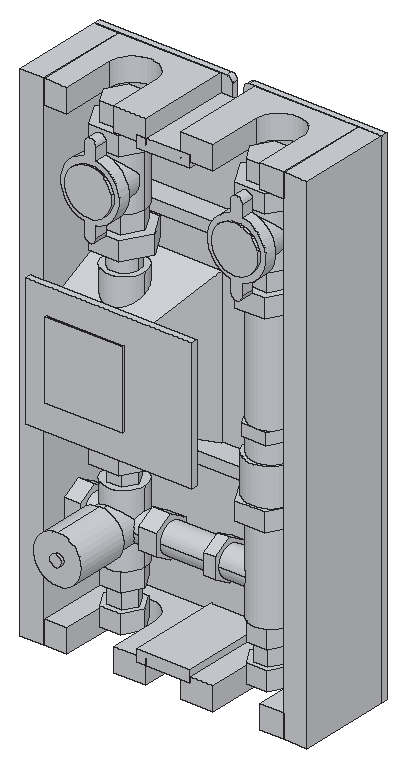
Revit family "330_21d2d63e6d574ba1ba75e3d0aaeeb0", category Mechanical Equipment, Revit 2022
Family settings
  Round Connector Dimension = Use Diameter
  Classification = None
  Part Type = Normal
  Work Plane-Based = No
  Always vertical = Yes
  Cut with Voids When Loaded = No
  Maintain Annotation Orientation = No
  Shared = No
  Room Calculation Point = No
Parameters (values of type "2174 1180E6")
  magiProductId = "21d2d63e6d574ba1ba75e3d0aaeeb0"
  magiProductFamilyId = "21d2d63e6d574ba1ba75e3d0aaeeb0"
  magiPartTypeId = 330
  XC = 62.5 mm
  WL = 225 mm
  W2L__ve = -W2L  # -80 mm
  W2L = 80 mm
  W2 = 85 mm
  W = 170 mm
  VersionID = "2.0/2019.5.23.1/FAR_2174_001"
  R25 = 25.5 mm
  R2 = 12.5 mm
  R15 = 17.5 mm
  R13 = 20.5 mm
  R1 = 12.5 mm
  QmdConnectorList = "301;P2;302;P2;303;P1;304;P1"
  Productdata [instance] = "© MagiCAD Group, all rights reserved"
  PL = 48.571 mm
  P2 = 25 mm
  P1 = 25 mm
  Manufacturer = "FAR"
  MC Shunt Valve Configuration = 0
  MC Shunt Control Valve Location = 0
  MC Product Code = "2174 1180E6"
  MC Primary Sizing Flow [instance] = 0.0 L/s
  MC Primary Given Pressure Drop [instance] = 0.0 Pa
  MC Piping Secondary Pressure Drop [instance] = 0.0 Pa
  MC Piping Secondary Flow [instance] = 0.0 L/s
  MC Piping Flow [instance] = 0.0 L/s
  MC Control Valve kv [instance] = 0
  MC Control Valve Pressure Drop [instance] = 0.0 Pa
  MC Balancing Valve kv [instance] = 0
  MC Balancing Valve Pressure Drop [instance] = 0.0 Pa
  MC Adjustable Valve kv for min dp [instance] = 0
  MC Adjustable Valve kv for max dp [instance] = 0
  MC Adjustable Valve Min Pressure Drop [instance] = 0.0 Pa
  MC Adjustable Valve Max Pressure Drop [instance] = 0.0 Pa
  LH92 = 24.111 mm
  LH9 = 48.222 mm
  LH62 = 31 mm
  LH61 = 94 mm
  LH6 = 62 mm
  LH48 = 141.778 mm
  LH44 = 111.778 mm
  LH42 = 65.889 mm
  LH4 = 131.778 mm
  L5 = 5 mm
  L45__ve = -L45  # -45 mm
  L45 = 45 mm
  L30 = 32 mm
  L22__ve = -L22  # -5 mm
  L222__ve = -L222  # -2 mm
  L222 = 2 mm
  L22 = 5 mm
  L20__ve = -L20  # -20 mm
  L20 = 20 mm
  L2 = 122.5 mm
  L15__ve = -L15  # -16 mm
  L15 = 16 mm
  L10__ve = -L10  # -10 mm
  L10 = 10 mm
  L = 245 mm
  KH = 15 mm
  H2 = 217 mm
  H = 434 mm
  Description = "Booster unit, thermostatic, pump 1-6m, shut-off valv., 180mm"
  Default Elevation = 0 mm
  CenSd_R25_6 = R25 * cos(30.00°)  # 22.084 mm
  CenSd_R1_6 = R1 * cos(30.00°)  # 10.825 mm
  CenSd_R15_6 = R15 * cos(30.00°)  # 15.155 mm
  CenSd_R13_6 = R13 * cos(30.00°)  # 17.754 mm
  CAT0 = yes
  CAT = no
Reference planes
  plane 1 "Center (Front/Back)": y = 0
  plane 2 "XYPLANE": z = 0
  plane 3 "Center (Left/Right)": x = 0
  plane 4 "380": z = 201
  plane 5 "379": z = -11
  plane 6 "376": z = -43
  plane 7 "373": y = -120
  plane 8 "372": x = 27.5
  plane 9 "369": x = -22.5
  plane 10 "368": x = -87.5
  plane 11 "358": y = -85
  plane 12 "350": z = -70
  plane 13 "347": z = 109.778
  plane 14 "342": x = 15
  plane 15 "341": x = 82.5
  plane 16 "340": x = 42.5
  plane 17 "339": x = 102.5
  plane 18 "331": y = -40
  plane 19 "330": y = -5
  plane 20 "329": y = -85
  plane 21 "328": x = -82.5
  plane 22 "327": x = -42.5
  plane 23 "326": x = -15
  plane 24 "325": x = -102.5
  plane 25 "323": x = 112.5
  plane 26 "319": y = -5
  plane 27 "318": x = -112.5
  plane 28 "311": z = -122
  plane 29 "304": x = 57.5
  plane 30 "303": x = 67.5
  plane 31 "296": y = -85
  plane 32 "290": z = 109.889
  plane 33 "289": z = 179.889
  plane 34 "288": z = 144.889
  plane 35 "287": x = -67.5
  plane 36 "286": x = -57.5
  plane 37 "285": z = 119.889
  plane 38 "284": z = 169.889
  plane 39 "281": y = -90
  plane 40 "277": x = -42.5
  plane 41 "274": y = -75
  plane 42 "272": z = 6.889
  plane 43 "271": y = -15
  plane 44 "243": z = 88.778
  plane 45 "240": z = 185
  plane 46 "239": z = 169
  plane 47 "238": z = 120.778
  plane 48 "231": z = 104.778
  plane 49 "228": z = 72.778
  plane 50 "225": z = -59
  plane 51 "222": z = -75
  plane 52 "219": z = -153
  plane 53 "216": z = -91
  plane 54 "215": z = -169
  plane 55 "210": z = -185
  plane 56 "207": z = -201
  plane 57 "202": x = -5
  plane 58 "201": x = 5
  plane 59 "200": x = 122.5
  plane 60 "199": z = -197
  plane 61 "198": z = 197
  plane 62 "126": y = -48.571
  plane 63 "121": x = 62.5
  plane 64 "116": x = -62.5
  plane 65 "84": z = -217
  plane 66 "83": z = 217
  plane 67 "82": x = -122.5
  plane 68 "43": y = 0
  plane 69 "42": x = 0
  plane 70 "41": z = 0
Forms (mm)
  Extrusion 1, solid
    sketch origin (-750, 0, -11) x (1, 0, 0) y (0, 1, 0)
      loop
        line (833, -48.571) -> (822.75, -30.818) -> (802.25, -30.818) -> (792, -48.571) -> (802.25, -66.325) -> (822.75, -66.325) -> (833, -48.571)
    from 0 to 10 <- "L10"
  Extrusion 2, solid
    sketch origin (750, -120, 0) x (-1, 0, 0) y (0, 0, 1)
      loop
        circle (812.5, -122) r 5
    from 0 to -2 <- "L222__ve"
  Extrusion 3, solid
    sketch origin (27.5, -750, 0) x (0, 1, 0) y (0, 0, 1)
      loop
        line (701.429, -104.5) -> (686.273, -113.25) -> (686.273, -130.75) -> (701.429, -139.5) -> (716.584, -130.75) -> (716.584, -113.25) -> (701.429, -104.5)
    from 0 to -10 <- "L10__ve"
  Extrusion 4, solid
    sketch origin (-22.5, -750, 0) x (0, 1, 0) y (0, 0, 1)
      loop
        line (701.429, -104.5) -> (686.273, -113.25) -> (686.273, -130.75) -> (701.429, -139.5) -> (716.584, -130.75) -> (716.584, -113.25) -> (701.429, -104.5)
    from 0 to -16 <- "L15__ve"
  Extrusion 5, solid
    sketch origin (-87.5, -750, 0) x (0, 1, 0) y (0, 0, 1)
      loop
        line (701.429, -104.5) -> (686.273, -113.25) -> (686.273, -130.75) -> (701.429, -139.5) -> (716.584, -130.75) -> (716.584, -113.25) -> (701.429, -104.5)
    from 0 to -16 <- "L15__ve"
  Extrusion 6, solid
    sketch origin (62.5, -750, 0) x (0, 1, 0) y (0, 0, 1)
      loop
        circle (701.429, -122) r 12.5
    from 0 to -150
  Extrusion 7, solid
    sketch origin (750, -75, 0) x (-1, 0, 0) y (0, 0, 1)
      loop
        circle (812.5, -122) r 20.5
    from 0 to -45 <- "L45__ve"
  Extrusion 8, solid
    sketch origin (750, -5, 0) x (-1, 0, 0) y (0, 0, 1)
      loop
        line (727.5, -192) -> (727.5, -202) -> (772.5, -202) -> (772.5, -192) -> (727.5, -192)
    from 0 to -80 <- "W2L__ve"
  Extrusion 9, solid
    sketch origin (750, -5, 0) x (-1, 0, 0) y (0, 0, 1)
      loop
        line (727.5, 202) -> (727.5, 192) -> (772.5, 192) -> (772.5, 202) -> (727.5, 202)
    from 0 to -80 <- "W2L__ve"
  Extrusion 10, solid
    sketch origin (750, -5, 0) x (-1, 0, 0) y (0, 0, 1)
      loop
        line (862.5, -65) -> (637.5, -65) -> (637.5, -75) -> (862.5, -75) -> (862.5, -65)
    from 0 to -20 <- "L20__ve"
  Extrusion 11, solid
    sketch origin (750, -5, 0) x (-1, 0, 0) y (0, 0, 1)
      loop
        line (862.5, 114.778) -> (637.5, 114.778) -> (637.5, 104.778) -> (862.5, 104.778) -> (862.5, 114.778)
    from 0 to -20 <- "L20__ve"
  Extrusion 12, solid
    sketch origin (-750, 0, -217) x (1, 0, 0) y (0, 1, 0)
      loop
        line (765, -5) -> (765, -85) -> (792.5, -85) -> (792.5, -40)
        arc (792.5, -40) -> (812.5, -20) -> (832.5, -40) r 20
        line (832.5, -40) -> (832.5, -85) -> (852.5, -85) -> (852.5, -5) -> (765, -5)
    from 0 to 20 <- "L20"
  Extrusion 13, solid
    sketch origin (-750, 0, 217) x (1, 0, 0) y (0, 1, 0)
      loop
        line (765, -5) -> (765, -85) -> (792.5, -85) -> (792.5, -40)
        arc (792.5, -40) -> (812.5, -20) -> (832.5, -40) r 20
        line (832.5, -40) -> (832.5, -85) -> (852.5, -85) -> (852.5, -5) -> (765, -5)
    from 0 to -20 <- "L20__ve"
  Extrusion 14, solid
    sketch origin (-750, 0, -217) x (1, 0, 0) y (0, 1, 0)
      loop
        line (647.5, -5) -> (647.5, -85) -> (667.5, -85) -> (667.5, -40)
        arc (667.5, -40) -> (687.5, -20) -> (707.5, -40) r 20
        line (707.5, -40) -> (707.5, -85) -> (735, -85) -> (735, -5) -> (647.5, -5)
    from 0 to 20 <- "L20"
  Extrusion 15, solid
    sketch origin (-750, 0, 217) x (1, 0, 0) y (0, 1, 0)
      loop
        line (647.5, -5) -> (647.5, -85) -> (667.5, -85) -> (667.5, -40)
        arc (667.5, -40) -> (687.5, -20) -> (707.5, -40) r 20
        line (707.5, -40) -> (707.5, -85) -> (735, -85) -> (735, -5) -> (647.5, -5)
    from 0 to -20 <- "L20__ve"
  Extrusion 16, solid
    sketch origin (750, -5, 0) x (-1, 0, 0) y (0, 0, 1)
      loop
        line (627.5, 217) -> (627.5, -217) -> (647.5, -217) -> (647.5, 217) -> (627.5, 217)
    from 0 to -80 <- "W2L__ve"
  Extrusion 17, solid
    sketch origin (750, -5, 0) x (-1, 0, 0) y (0, 0, 1)
      loop
        line (852.5, 217) -> (852.5, -217) -> (872.5, -217) -> (872.5, 217) -> (852.5, 217)
    from 0 to -80 <- "W2L__ve"
  Extrusion 18, solid
    sketch origin (750, -75, 0) x (-1, 0, 0) y (0, 0, 1)
      loop
        circle (812.5, -122) r 17.5
    from 0 to 20 <- "L20"
  Extrusion 19, solid
    sketch origin (750, -75, 0) x (-1, 0, 0) y (0, 0, 1)
      loop
        line (692.5, 109.889) -> (692.5, 119.889)
        arc (692.5, 119.889) -> (712.5, 144.889) -> (692.5, 169.889) r 25.625
        line (692.5, 169.889) -> (692.5, 179.889)
        arc (692.5, 179.889) -> (687.5, 184.889) -> (682.5, 179.889) r 5
        line (682.5, 179.889) -> (682.5, 169.889)
        arc (682.5, 169.889) -> (662.5, 144.889) -> (682.5, 119.889) r 25.625
        line (682.5, 119.889) -> (682.5, 109.889)
        arc (682.5, 109.889) -> (687.5, 104.889) -> (692.5, 109.889) r 5
    from 0 to -10 <- "L10__ve"
  Extrusion 20, solid
    sketch origin (750, -75, 0) x (-1, 0, 0) y (0, 0, 1)
      loop
        circle (687.5, 144.889) r 17.5
    from 0 to 20 <- "L20"
  Extrusion 21, solid
    sketch origin (750, -85, 0) x (-1, 0, 0) y (0, 0, 1)
      loop
        circle (687.5, 144.889) r 20
    from 0 to -2 <- "L222__ve"
  Extrusion 22, solid
    sketch origin (750, -85, 0) x (-1, 0, 0) y (0, 0, 1)
      loop
        circle (812.5, 144.889) r 20
    from 0 to -2 <- "L222__ve"
  Extrusion 23, solid
    sketch origin (750, -75, 0) x (-1, 0, 0) y (0, 0, 1)
      loop
        circle (812.5, 144.889) r 17.5
    from 0 to 20 <- "L20"
  Extrusion 24, solid
    sketch origin (750, -75, 0) x (-1, 0, 0) y (0, 0, 1)
      loop
        line (817.5, 109.889) -> (817.5, 119.889)
        arc (817.5, 119.889) -> (837.5, 144.889) -> (817.5, 169.889) r 25.625
        line (817.5, 169.889) -> (817.5, 179.889)
        arc (817.5, 179.889) -> (812.5, 184.889) -> (807.5, 179.889) r 5
        line (807.5, 179.889) -> (807.5, 169.889)
        arc (807.5, 169.889) -> (787.5, 144.889) -> (807.5, 119.889) r 25.625
        line (807.5, 119.889) -> (807.5, 109.889)
        arc (807.5, 109.889) -> (812.5, 104.889) -> (817.5, 109.889) r 5
    from 0 to -10 <- "L10__ve"
  Extrusion 25, solid
    sketch origin (750, -90, 0) x (-1, 0, 0) y (0, 0, 1)
      loop
        line (779.556, 39.833) -> (779.556, -26.056) -> (845.444, -26.056) -> (845.444, 39.833) -> (779.556, 39.833)
    from 0 to -2
  Extrusion 26, solid
    sketch origin (750, -85, 0) x (-1, 0, 0) y (0, 0, 1)
      loop
        line (721.611, 62.778) -> (721.611, -49) -> (863.389, -49) -> (863.389, 62.778) -> (721.611, 62.778)
    from 0 to -5 <- "L22__ve"
  Blend 27, solid
    base sketch origin (750, -15, 0) x (-1, 0, 0) y (0, 0, 1)
      loop
        line (756.611, 72.778) -> (756.611, -59) -> (868.389, -59) -> (868.389, 72.778) -> (756.611, 72.778)
    top sketch origin (750, -15, 0) x (-1, 0, 0) y (0, 0, 1)
      loop
        line (779.556, 39.833) -> (779.556, -26.056) -> (845.444, -26.056) -> (845.444, 39.833) -> (779.556, 39.833)
    from 0 to -70
  Extrusion 28, solid
    sketch origin (-750, 0, -201) x (1, 0, 0) y (0, 1, 0)
      loop
        line (830, -48.571) -> (821.25, -33.416) -> (803.75, -33.416) -> (795, -48.571) -> (803.75, -63.727) -> (821.25, -63.727) -> (830, -48.571)
    from 0 to 16 <- "L15"
  Extrusion 29, solid
    sketch origin (-750, 0, -185) x (1, 0, 0) y (0, 1, 0)
      loop
        line (825, -48.571) -> (818.75, -37.746) -> (806.25, -37.746) -> (800, -48.571) -> (806.25, -59.397) -> (818.75, -59.397) -> (825, -48.571)
    from 0 to 16 <- "L15"
  Extrusion 30, solid
    sketch origin (-750, 0, -169) x (1, 0, 0) y (0, 1, 0)
      loop
        line (830, -48.571) -> (821.25, -33.416) -> (803.75, -33.416) -> (795, -48.571) -> (803.75, -63.727) -> (821.25, -63.727) -> (830, -48.571)
    from 0 to 16 <- "L15"
  Extrusion 31, solid
    sketch origin (-750, 0, -153) x (1, 0, 0) y (0, 1, 0)
      loop
        circle (812.5, -48.571) r 17.5
    from 0 to 94 <- "LH61"
  Extrusion 32, solid
    sketch origin (-750, 0, -75) x (1, 0, 0) y (0, 1, 0)
      loop
        line (838, -48.571) -> (825.25, -26.488) -> (799.75, -26.488) -> (787, -48.571) -> (799.75, -70.655) -> (825.25, -70.655) -> (838, -48.571)
    from 0 to 16 <- "L15"
  Extrusion 33, solid
    sketch origin (-750, 0, -59) x (1, 0, 0) y (0, 1, 0)
      loop
        circle (812.5, -48.571) r 20.5
    from 0 to 32 <- "L30"
  Extrusion 34, solid
    sketch origin (-750, 0, 88.778) x (1, 0, 0) y (0, 1, 0)
      loop
        line (838, -48.571) -> (825.25, -26.488) -> (799.75, -26.488) -> (787, -48.571) -> (799.75, -70.655) -> (825.25, -70.655) -> (838, -48.571)
    from 0 to 16 <- "L15"
  Extrusion 35, solid
    sketch origin (-750, 0, 104.778) x (1, 0, 0) y (0, 1, 0)
      loop
        line (830, -48.571) -> (821.25, -33.416) -> (803.75, -33.416) -> (795, -48.571) -> (803.75, -63.727) -> (821.25, -63.727) -> (830, -48.571)
    from 0 to 16 <- "L15"
  Extrusion 36, solid
    sketch origin (-750, 0, 185) x (1, 0, 0) y (0, 1, 0)
      loop
        line (830, -48.571) -> (821.25, -33.416) -> (803.75, -33.416) -> (795, -48.571) -> (803.75, -63.727) -> (821.25, -63.727) -> (830, -48.571)
    from 0 to 16 <- "L15"
  Extrusion 37, solid
    sketch origin (-750, 0, 169) x (1, 0, 0) y (0, 1, 0)
      loop
        line (838, -48.571) -> (825.25, -26.488) -> (799.75, -26.488) -> (787, -48.571) -> (799.75, -70.655) -> (825.25, -70.655) -> (838, -48.571)
    from 0 to 16 <- "L15"
  Extrusion 38, solid
    sketch origin (-750, 0, 120.778) x (1, 0, 0) y (0, 1, 0)
      loop
        circle (812.5, -48.571) r 17.5
    from 0 to 48.222 <- "LH9"
  Extrusion 39, solid
    sketch origin (-750, 0, -43) x (1, 0, 0) y (0, 1, 0)
      loop
        circle (812.5, -48.571) r 17.5
    from 0 to 131.778 <- "LH4"
  Extrusion 40, solid
    sketch origin (-750, 0, 72.778) x (1, 0, 0) y (0, 1, 0)
      loop
        circle (687.5, -48.571) r 12.5
    from 0 to 16 <- "L15"
  Extrusion 41, solid
    sketch origin (-750, 0, 120.778) x (1, 0, 0) y (0, 1, 0)
      loop
        circle (687.5, -48.571) r 17.5
    from 0 to 48.222 <- "LH9"
  Extrusion 42, solid
    sketch origin (-750, 0, 169) x (1, 0, 0) y (0, 1, 0)
      loop
        line (713, -48.571) -> (700.25, -26.488) -> (674.75, -26.488) -> (662, -48.571) -> (674.75, -70.655) -> (700.25, -70.655) -> (713, -48.571)
    from 0 to 16 <- "L15"
  Extrusion 43, solid
    sketch origin (-750, 0, 185) x (1, 0, 0) y (0, 1, 0)
      loop
        line (705, -48.571) -> (696.25, -33.416) -> (678.75, -33.416) -> (670, -48.571) -> (678.75, -63.727) -> (696.25, -63.727) -> (705, -48.571)
    from 0 to 16 <- "L15"
  Extrusion 44, solid
    sketch origin (-750, 0, 104.778) x (1, 0, 0) y (0, 1, 0)
      loop
        line (705, -48.571) -> (696.25, -33.416) -> (678.75, -33.416) -> (670, -48.571) -> (678.75, -63.727) -> (696.25, -63.727) -> (705, -48.571)
    from 0 to 16 <- "L15"
  Extrusion 45, solid
    sketch origin (-750, 0, 88.778) x (1, 0, 0) y (0, 1, 0)
      loop
        line (713, -48.571) -> (700.25, -26.488) -> (674.75, -26.488) -> (662, -48.571) -> (674.75, -70.655) -> (700.25, -70.655) -> (713, -48.571)
    from 0 to 16 <- "L15"
  Extrusion 46, solid
    sketch origin (-750, 0, -59) x (1, 0, 0) y (0, 1, 0)
      loop
        circle (687.5, -48.571) r 17.5
    from 0 to 131.778 <- "LH4"
  Extrusion 47, solid
    sketch origin (-750, 0, -75) x (1, 0, 0) y (0, 1, 0)
      loop
        line (713, -48.571) -> (700.25, -26.488) -> (674.75, -26.488) -> (662, -48.571) -> (674.75, -70.655) -> (700.25, -70.655) -> (713, -48.571)
    from 0 to 16 <- "L15"
  Extrusion 48, solid
    sketch origin (-750, 0, -91) x (1, 0, 0) y (0, 1, 0)
      loop
        line (700, -48.571) -> (693.75, -37.746) -> (681.25, -37.746) -> (675, -48.571) -> (681.25, -59.397) -> (693.75, -59.397) -> (700, -48.571)
    from 0 to 16 <- "L15"
  Extrusion 49, solid
    sketch origin (-750, 0, -153) x (1, 0, 0) y (0, 1, 0)
      loop
        circle (687.5, -48.571) r 17.5
    from 0 to 62 <- "LH6"
  Extrusion 50, solid
    sketch origin (-750, 0, -169) x (1, 0, 0) y (0, 1, 0)
      loop
        line (705, -48.571) -> (696.25, -33.416) -> (678.75, -33.416) -> (670, -48.571) -> (678.75, -63.727) -> (696.25, -63.727) -> (705, -48.571)
    from 0 to 16 <- "L15"
  Extrusion 51, solid
    sketch origin (-750, 0, -185) x (1, 0, 0) y (0, 1, 0)
      loop
        line (700, -48.571) -> (693.75, -37.746) -> (681.25, -37.746) -> (675, -48.571) -> (681.25, -59.397) -> (693.75, -59.397) -> (700, -48.571)
    from 0 to 16 <- "L15"
  Extrusion 52, solid
    sketch origin (-750, 0, -201) x (1, 0, 0) y (0, 1, 0)
      loop
        line (705, -48.571) -> (696.25, -33.416) -> (678.75, -33.416) -> (670, -48.571) -> (678.75, -63.727) -> (696.25, -63.727) -> (705, -48.571)
    from 0 to 16 <- "L15"
  Extrusion 53, solid
    sketch origin (750, 0, 0) x (-1, 0, 0) y (0, 0, 1)
      loop
        line (872.5, 217) -> (760, 217)
        arc (760, 217) -> (756.464, 215.536) -> (755, 212) r 5
        line (755, 212) -> (755, 197) -> (745, 197) -> (745, 212)
        arc (745, 212) -> (743.536, 215.536) -> (740, 217) r 5
        line (740, 217) -> (627.5, 217) -> (627.5, -217) -> (740, -217)
        arc (740, -217) -> (743.536, -215.536) -> (745, -212) r 5
        line (745, -212) -> (745, -197) -> (755, -197) -> (755, -212)
        arc (755, -212) -> (756.464, -215.536) -> (760, -217) r 5
        line (760, -217) -> (872.5, -217) -> (872.5, 217)
    from 0 to -5 <- "L22__ve"
  Extrusion 54, solid, not visible
    sketch origin (-750, 0, -201) x (1, 0, 0) y (0, 1, 0)
      loop
        circle (812.5, -48.571) r 10
    from 0 to 10
  Extrusion 55, solid, not visible
    sketch origin (-750, 0, -201) x (1, 0, 0) y (0, 1, 0)
      loop
        circle (687.5, -48.571) r 10
    from 0 to 10
  Extrusion 56, solid, not visible
    sketch origin (-750, 0, 201) x (1, 0, 0) y (0, 1, 0)
      loop
        circle (812.5, -48.571) r 10
    from 0 to -10
  Extrusion 57, solid, not visible
    sketch origin (-750, 0, 201) x (1, 0, 0) y (0, 1, 0)
      loop
        circle (687.5, -48.571) r 10
    from 0 to -10
Lines and regions (mm)
  reference lines, not visible
    curve 1: circle (2, 2, 0) r 1 normal (0, 0, 1)
  reference lines
    curve 2: line (62.5, -48.571, -11) -> (57.375, -39.695, -11)
    curve 3: line (62.5, -48.571, -11) -> (52.25, -48.571, -11)
    curve 4: line (62.5, -48.571, -11) -> (57.375, -57.448, -11)
    curve 5: line (27.5, -48.571, -122) -> (27.5, -40.994, -126.375)
    curve 6: line (27.5, -48.571, -122) -> (27.5, -48.571, -130.75)
    curve 7: line (27.5, -48.571, -122) -> (27.5, -56.149, -126.375)
    curve 8: line (-22.5, -48.571, -122) -> (-22.5, -40.994, -126.375)
    curve 9: line (-22.5, -48.571, -122) -> (-22.5, -48.571, -130.75)
    curve 10: line (-22.5, -48.571, -122) -> (-22.5, -56.149, -126.375)
    curve 11: line (-87.5, -48.571, -122) -> (-87.5, -40.994, -126.375)
    curve 12: line (-87.5, -48.571, -122) -> (-87.5, -48.571, -130.75)
    curve 13: line (-87.5, -48.571, -122) -> (-87.5, -56.149, -126.375)
    curve 14: circle (0, -5, -197) r 1 normal (0, -1, 0)
    curve 15: circle (0, -5, 197) r 1 normal (0, -1, 0)
    curve 16: circle (0, -5, -70) r 1 normal (0, -1, 0)
    curve 17: circle (0, -5, 109.778) r 1 normal (0, -1, 0)
    curve 18: line (82.5, -40, -217) -> (42.5, -40, -217)
    curve 19: line (82.5, -40, 217) -> (42.5, -40, 217)
    curve 20: line (-42.5, -40, -217) -> (-82.5, -40, -217)
    curve 21: line (-42.5, -40, 217) -> (-82.5, -40, 217)
    curve 22: circle (112.5, -5, 0) r 1 normal (0, -1, 0)
    curve 23: circle (-112.5, -5, 0) r 1 normal (0, -1, 0)
    curve 24: line (57.5, -75, 109.889) -> (67.5, -75, 109.889)
    curve 25: line (67.5, -75, 119.889) -> (67.5, -75, 169.889)
    curve 26: line (67.5, -75, 179.889) -> (57.5, -75, 179.889)
    curve 27: line (57.5, -75, 169.889) -> (57.5, -75, 119.889)
    curve 28: line (-67.5, -75, 109.889) -> (-57.5, -75, 109.889)
    curve 29: line (-57.5, -75, 119.889) -> (-57.5, -75, 169.889)
    curve 30: line (-57.5, -75, 179.889) -> (-67.5, -75, 179.889)
    curve 31: line (-67.5, -75, 169.889) -> (-67.5, -75, 119.889)
    curve 32: circle (-62.5, -90, 6.889) r 1 normal (0, -1, 0)
    curve 33: circle (-42.5, -85, 6.889) r 1 normal (0, -1, 0)
    curve 34: circle (-62.5, -15, 6.889) r 1 normal (0, 1, 0)
    curve 35: circle (-62.5, -15, 6.889) r 1 normal (0, -1, 0)
    curve 36: line (62.5, -48.571, -201) -> (58.125, -40.994, -201)
    curve 37: line (62.5, -48.571, -201) -> (53.75, -48.571, -201)
    curve 38: line (62.5, -48.571, -201) -> (58.125, -56.149, -201)
    curve 39: line (62.5, -48.571, -185) -> (59.375, -43.159, -185)
    curve 40: line (62.5, -48.571, -185) -> (56.25, -48.571, -185)
    curve 41: line (62.5, -48.571, -185) -> (59.375, -53.984, -185)
    curve 42: line (62.5, -48.571, -169) -> (58.125, -40.994, -169)
    curve 43: line (62.5, -48.571, -169) -> (53.75, -48.571, -169)
    curve 44: line (62.5, -48.571, -169) -> (58.125, -56.149, -169)
    curve 45: line (62.5, -48.571, -75) -> (56.125, -37.53, -75)
    curve 46: line (62.5, -48.571, -75) -> (49.75, -48.571, -75)
    curve 47: line (62.5, -48.571, -75) -> (56.125, -59.613, -75)
    curve 48: line (62.5, -48.571, 88.778) -> (56.125, -37.53, 88.778)
    curve 49: line (62.5, -48.571, 88.778) -> (49.75, -48.571, 88.778)
    curve 50: line (62.5, -48.571, 88.778) -> (56.125, -59.613, 88.778)
    curve 51: line (62.5, -48.571, 104.778) -> (58.125, -40.994, 104.778)
    curve 52: line (62.5, -48.571, 104.778) -> (53.75, -48.571, 104.778)
    curve 53: line (62.5, -48.571, 104.778) -> (58.125, -56.149, 104.778)
    curve 54: line (62.5, -48.571, 185) -> (58.125, -40.994, 185)
    curve 55: line (62.5, -48.571, 185) -> (53.75, -48.571, 185)
    curve 56: line (62.5, -48.571, 185) -> (58.125, -56.149, 185)
    curve 57: line (62.5, -48.571, 169) -> (56.125, -37.53, 169)
    curve 58: line (62.5, -48.571, 169) -> (49.75, -48.571, 169)
    curve 59: line (62.5, -48.571, 169) -> (56.125, -59.613, 169)
    curve 60: line (-62.5, -48.571, 169) -> (-68.875, -37.53, 169)
    curve 61: line (-62.5, -48.571, 169) -> (-75.25, -48.571, 169)
    curve 62: line (-62.5, -48.571, 169) -> (-68.875, -59.613, 169)
    curve 63: line (-62.5, -48.571, 185) -> (-66.875, -40.994, 185)
    curve 64: line (-62.5, -48.571, 185) -> (-71.25, -48.571, 185)
    curve 65: line (-62.5, -48.571, 185) -> (-66.875, -56.149, 185)
    curve 66: line (-62.5, -48.571, 104.778) -> (-66.875, -40.994, 104.778)
    curve 67: line (-62.5, -48.571, 104.778) -> (-71.25, -48.571, 104.778)
    curve 68: line (-62.5, -48.571, 104.778) -> (-66.875, -56.149, 104.778)
    curve 69: line (-62.5, -48.571, 88.778) -> (-68.875, -37.53, 88.778)
    curve 70: line (-62.5, -48.571, 88.778) -> (-75.25, -48.571, 88.778)
    curve 71: line (-62.5, -48.571, 88.778) -> (-68.875, -59.613, 88.778)
    curve 72: line (-62.5, -48.571, -75) -> (-68.875, -37.53, -75)
    curve 73: line (-62.5, -48.571, -75) -> (-75.25, -48.571, -75)
    curve 74: line (-62.5, -48.571, -75) -> (-68.875, -59.613, -75)
    curve 75: line (-62.5, -48.571, -91) -> (-65.625, -43.159, -91)
    curve 76: line (-62.5, -48.571, -91) -> (-68.75, -48.571, -91)
    curve 77: line (-62.5, -48.571, -91) -> (-65.625, -53.984, -91)
    curve 78: line (-62.5, -48.571, -169) -> (-66.875, -40.994, -169)
    curve 79: line (-62.5, -48.571, -169) -> (-71.25, -48.571, -169)
    curve 80: line (-62.5, -48.571, -169) -> (-66.875, -56.149, -169)
    curve 81: line (-62.5, -48.571, -185) -> (-65.625, -43.159, -185)
    curve 82: line (-62.5, -48.571, -185) -> (-68.75, -48.571, -185)
    curve 83: line (-62.5, -48.571, -185) -> (-65.625, -53.984, -185)
    curve 84: line (-62.5, -48.571, -201) -> (-66.875, -40.994, -201)
    curve 85: line (-62.5, -48.571, -201) -> (-71.25, -48.571, -201)
    curve 86: line (-62.5, -48.571, -201) -> (-66.875, -56.149, -201)
Dimensions and locks
  plane 1 "Center (Front/Back)" to curve 1 = 2 mm
  "L15": plane 45 "240" to plane 4 "380"
  "L30": plane 6 "376" to plane 5 "379"
  "L15": plane 50 "225" to plane 6 "376"
  "L45": plane 41 "274" to plane 7 "373"
  locked: plane 9 "369" to plane 8 "372" at 50
  locked: plane 10 "368" to plane 9 "369" at 65
  locked: plane 63 "121" to plane 10 "368" at 150
  locked: plane 43 "271" to plane 11 "358" at 70
  "L5": plane 51 "222" to plane 12 "350"
  "L5": plane 48 "231" to plane 13 "347"
  "L10": plane 58 "201" to plane 14 "342"
  "L20": plane 63 "121" to plane 15 "341"
  "L20": plane 63 "121" to plane 16 "340"
  "L10": plane 25 "323" to plane 17 "339"
  "L45": plane 20 "329" to plane 18 "331"
  "L22": plane 68 "43" to plane 19 "330"
  "W2L": plane 19 "330" to plane 20 "329"
  "L20": plane 64 "116" to plane 21 "328"
  "L20": plane 64 "116" to plane 22 "327"
  "L10": plane 57 "202" to plane 23 "326"
  "L10": plane 27 "318" to plane 24 "325"
  "L10": plane 59 "200" to plane 25 "323"
  "L22": plane 68 "43" to plane 26 "319"
  "L10": plane 67 "82" to plane 27 "318"
  "LH62": plane 52 "219" to plane 28 "311"
  locked: plane 63 "121" to plane 29 "304" at 5
  locked: plane 63 "121" to plane 30 "303" at 5
  "L10": plane 41 "274" to plane 31 "296"
  "L10": plane 37 "285" to plane 32 "290"
  locked: plane 38 "284" to plane 33 "289" at 10
  "LH92": plane 47 "238" to plane 34 "288"
  locked: plane 64 "116" to plane 35 "287" at 5
  locked: plane 64 "116" to plane 36 "286" at 5
  locked: plane 34 "288" to plane 37 "285" at 25
  locked: plane 34 "288" to plane 38 "284" at 25
  "L22": plane 11 "358" to plane 39 "281"
  locked: plane 64 "116" to plane 40 "277" at 20
  locked: plane 43 "271" to plane 41 "274" at 60
  "LH42": plane 50 "225" to plane 42 "272"
  locked: plane 1 "Center (Front/Back)" to plane 43 "271" at 15
  "L15": plane 49 "228" to plane 44 "243"
  "L15": plane 46 "239" to plane 45 "240"
  "LH9": plane 47 "238" to plane 46 "239"
  "L15": plane 48 "231" to plane 47 "238"
  "L15": plane 44 "243" to plane 48 "231"
  "LH4": plane 50 "225" to plane 49 "228"
  "L15": plane 51 "222" to plane 50 "225"
  "L15": plane 53 "216" to plane 51 "222"
  "L15": plane 54 "215" to plane 52 "219"
  "LH6": plane 52 "219" to plane 53 "216"
  "L15": plane 55 "210" to plane 54 "215"
  "L15": plane 56 "207" to plane 55 "210"
  "L15": plane 65 "84" to plane 56 "207"
  "L5": plane 3 "Center (Left/Right)" to plane 57 "202"
  "L5": plane 3 "Center (Left/Right)" to plane 58 "201"
  "L2": plane 3 "Center (Left/Right)" to plane 59 "200"
  locked: plane 65 "84" to plane 60 "199" at 20
  locked: plane 66 "83" to plane 61 "198" at 20
  "PL": plane 1 "Center (Front/Back)" to plane 62 "126"
  "XC": plane 3 "Center (Left/Right)" to plane 63 "121"
  "XC": plane 3 "Center (Left/Right)" to plane 64 "116"
  "H2": plane 2 "XYPLANE" to plane 65 "84"
  "H2": plane 2 "XYPLANE" to plane 66 "83"
  "L2": plane 3 "Center (Left/Right)" to plane 67 "82"
  locked: plane 1 "Center (Front/Back)" to plane 68 "43"
  locked: plane 3 "Center (Left/Right)" to plane 69 "42"
  locked: plane 2 "XYPLANE" to plane 70 "41"
  "CenSd_R13_6": curve 2 to Extrusion 1 sketch curve  (x2)
  "CenSd_R13_6": curve 3 to Extrusion 1 sketch curve  (x2)
  "CenSd_R13_6": curve 4 to Extrusion 1 sketch curve  (x2)
  Extrusion 1 sketch curve to Extrusion 1 sketch curve = 0 mm  (x12)
  "CenSd_R15_6": curve 5 to Extrusion 3 sketch curve  (x2)
  "CenSd_R15_6": curve 6 to Extrusion 3 sketch curve  (x2)
  "CenSd_R15_6": curve 7 to Extrusion 3 sketch curve  (x2)
  Extrusion 3 sketch curve to Extrusion 3 sketch curve = 0 mm  (x12)
  "CenSd_R15_6": curve 8 to Extrusion 4 sketch curve  (x2)
  "CenSd_R15_6": curve 9 to Extrusion 4 sketch curve  (x2)
  "CenSd_R15_6": curve 10 to Extrusion 4 sketch curve  (x2)
  Extrusion 4 sketch curve to Extrusion 4 sketch curve = 0 mm  (x12)
  "CenSd_R15_6": curve 11 to Extrusion 5 sketch curve  (x2)
  "CenSd_R15_6": curve 12 to Extrusion 5 sketch curve  (x2)
  "CenSd_R15_6": curve 13 to Extrusion 5 sketch curve  (x2)
  Extrusion 5 sketch curve to Extrusion 5 sketch curve = 0 mm  (x12)
  equal spacing: Extrusion 8 sketch curve, curve 14, Extrusion 8 sketch curve  (x2)
  "L10": Extrusion 8 sketch curve to Extrusion 8 sketch curve
  "L45": Extrusion 8 sketch curve to Extrusion 8 sketch curve
  Extrusion 8 sketch curve to Extrusion 8 sketch curve = 0 mm  (x8)
  equal spacing: Extrusion 9 sketch curve, curve 15, Extrusion 9 sketch curve  (x2)
  "L10": Extrusion 9 sketch curve to Extrusion 9 sketch curve
  "L45": Extrusion 9 sketch curve to Extrusion 9 sketch curve
  Extrusion 9 sketch curve to Extrusion 9 sketch curve = 0 mm  (x8)
  equal spacing: Extrusion 10 sketch curve, curve 16, Extrusion 10 sketch curve  (x2)
  "WL": Extrusion 10 sketch curve to Extrusion 10 sketch curve
  "L10": Extrusion 10 sketch curve to Extrusion 10 sketch curve
  Extrusion 10 sketch curve to Extrusion 10 sketch curve = 0 mm  (x8)
  equal spacing: Extrusion 11 sketch curve, curve 17, Extrusion 11 sketch curve  (x2)
  "WL": Extrusion 11 sketch curve to Extrusion 11 sketch curve
  "L10": Extrusion 11 sketch curve to Extrusion 11 sketch curve
  Extrusion 11 sketch curve to Extrusion 11 sketch curve = 0 mm  (x8)
  "L20": curve 18 to Extrusion 12 sketch curve
  Extrusion 12 sketch curve to Extrusion 12 sketch curve = 0 mm  (x16)
  "L20": curve 19 to Extrusion 13 sketch curve
  Extrusion 13 sketch curve to Extrusion 13 sketch curve = 0 mm  (x16)
  "L20": curve 20 to Extrusion 14 sketch curve
  Extrusion 14 sketch curve to Extrusion 14 sketch curve = 0 mm  (x16)
  "L20": curve 21 to Extrusion 15 sketch curve
  Extrusion 15 sketch curve to Extrusion 15 sketch curve = 0 mm  (x16)
  equal spacing: Extrusion 16 sketch curve, curve 22, Extrusion 16 sketch curve  (x2)
  "H": Extrusion 16 sketch curve to Extrusion 16 sketch curve
  "L20": Extrusion 16 sketch curve to Extrusion 16 sketch curve
  Extrusion 16 sketch curve to Extrusion 16 sketch curve = 0 mm  (x8)
  equal spacing: Extrusion 17 sketch curve, curve 23, Extrusion 17 sketch curve  (x2)
  "H": Extrusion 17 sketch curve to Extrusion 17 sketch curve
  "L20": Extrusion 17 sketch curve to Extrusion 17 sketch curve
  Extrusion 17 sketch curve to Extrusion 17 sketch curve = 0 mm  (x8)
  "L5": curve 24 to Extrusion 19 sketch curve
  "L20": curve 25 to Extrusion 19 sketch curve
  "L5": curve 26 to Extrusion 19 sketch curve
  "L20": curve 27 to Extrusion 19 sketch curve
  Extrusion 19 sketch curve to Extrusion 19 sketch curve = 0 mm  (x16)
  "L5": curve 28 to Extrusion 24 sketch curve
  "L20": curve 29 to Extrusion 24 sketch curve
  "L5": curve 30 to Extrusion 24 sketch curve
  "L20": curve 31 to Extrusion 24 sketch curve
  Extrusion 24 sketch curve to Extrusion 24 sketch curve = 0 mm  (x16)
  equal spacing: Extrusion 25 sketch curve, curve 32, Extrusion 25 sketch curve  (x2)
  "LH42": Extrusion 25 sketch curve to Extrusion 25 sketch curve  (x2)
  Extrusion 25 sketch curve to Extrusion 25 sketch curve = 0 mm  (x8)
  equal spacing: Extrusion 26 sketch curve, curve 33, Extrusion 26 sketch curve  (x2)
  "LH44": Extrusion 26 sketch curve to Extrusion 26 sketch curve
  "LH48": Extrusion 26 sketch curve to Extrusion 26 sketch curve
  Extrusion 26 sketch curve to Extrusion 26 sketch curve = 0 mm  (x8)
  equal spacing: Blend 27 sketch curve, curve 34, Blend 27 sketch curve  (x2)
  "LH42": Blend 27 sketch curve to Blend 27 sketch curve  (x2)
  Blend 27 sketch curve to Blend 27 sketch curve = 0 mm  (x16)
  equal spacing: Blend 27 sketch curve, curve 35, Blend 27 sketch curve  (x2)
  "LH4": Blend 27 sketch curve to Blend 27 sketch curve
  "LH44": Blend 27 sketch curve to Blend 27 sketch curve
  "CenSd_R15_6": curve 36 to Extrusion 28 sketch curve  (x2)
  "CenSd_R15_6": curve 37 to Extrusion 28 sketch curve  (x2)
  "CenSd_R15_6": curve 38 to Extrusion 28 sketch curve  (x2)
  Extrusion 28 sketch curve to Extrusion 28 sketch curve = 0 mm  (x12)
  "CenSd_R1_6": curve 39 to Extrusion 29 sketch curve  (x2)
  "CenSd_R1_6": curve 40 to Extrusion 29 sketch curve  (x2)
  "CenSd_R1_6": curve 41 to Extrusion 29 sketch curve  (x2)
  Extrusion 29 sketch curve to Extrusion 29 sketch curve = 0 mm  (x12)
  "CenSd_R15_6": curve 42 to Extrusion 30 sketch curve  (x2)
  "CenSd_R15_6": curve 43 to Extrusion 30 sketch curve  (x2)
  "CenSd_R15_6": curve 44 to Extrusion 30 sketch curve  (x2)
  Extrusion 30 sketch curve to Extrusion 30 sketch curve = 0 mm  (x12)
  "CenSd_R25_6": curve 45 to Extrusion 32 sketch curve  (x2)
  "CenSd_R25_6": curve 46 to Extrusion 32 sketch curve  (x2)
  "CenSd_R25_6": curve 47 to Extrusion 32 sketch curve  (x2)
  Extrusion 32 sketch curve to Extrusion 32 sketch curve = 0 mm  (x12)
  "CenSd_R25_6": curve 48 to Extrusion 34 sketch curve  (x2)
  "CenSd_R25_6": curve 49 to Extrusion 34 sketch curve  (x2)
  "CenSd_R25_6": curve 50 to Extrusion 34 sketch curve  (x2)
  Extrusion 34 sketch curve to Extrusion 34 sketch curve = 0 mm  (x12)
  "CenSd_R15_6": curve 51 to Extrusion 35 sketch curve  (x2)
  "CenSd_R15_6": curve 52 to Extrusion 35 sketch curve  (x2)
  "CenSd_R15_6": curve 53 to Extrusion 35 sketch curve  (x2)
  Extrusion 35 sketch curve to Extrusion 35 sketch curve = 0 mm  (x12)
  "CenSd_R15_6": curve 54 to Extrusion 36 sketch curve  (x2)
  "CenSd_R15_6": curve 55 to Extrusion 36 sketch curve  (x2)
  "CenSd_R15_6": curve 56 to Extrusion 36 sketch curve  (x2)
  Extrusion 36 sketch curve to Extrusion 36 sketch curve = 0 mm  (x12)
  "CenSd_R25_6": curve 57 to Extrusion 37 sketch curve  (x2)
  "CenSd_R25_6": curve 58 to Extrusion 37 sketch curve  (x2)
  "CenSd_R25_6": curve 59 to Extrusion 37 sketch curve  (x2)
  Extrusion 37 sketch curve to Extrusion 37 sketch curve = 0 mm  (x12)
  "CenSd_R25_6": curve 60 to Extrusion 42 sketch curve  (x2)
  "CenSd_R25_6": curve 61 to Extrusion 42 sketch curve  (x2)
  "CenSd_R25_6": curve 62 to Extrusion 42 sketch curve  (x2)
  Extrusion 42 sketch curve to Extrusion 42 sketch curve = 0 mm  (x12)
  "CenSd_R15_6": curve 63 to Extrusion 43 sketch curve  (x2)
  "CenSd_R15_6": curve 64 to Extrusion 43 sketch curve  (x2)
  "CenSd_R15_6": curve 65 to Extrusion 43 sketch curve  (x2)
  Extrusion 43 sketch curve to Extrusion 43 sketch curve = 0 mm  (x12)
  "CenSd_R15_6": curve 66 to Extrusion 44 sketch curve  (x2)
  "CenSd_R15_6": curve 67 to Extrusion 44 sketch curve  (x2)
  "CenSd_R15_6": curve 68 to Extrusion 44 sketch curve  (x2)
  Extrusion 44 sketch curve to Extrusion 44 sketch curve = 0 mm  (x12)
  "CenSd_R25_6": curve 69 to Extrusion 45 sketch curve  (x2)
  "CenSd_R25_6": curve 70 to Extrusion 45 sketch curve  (x2)
  "CenSd_R25_6": curve 71 to Extrusion 45 sketch curve  (x2)
  Extrusion 45 sketch curve to Extrusion 45 sketch curve = 0 mm  (x12)
  "CenSd_R25_6": curve 72 to Extrusion 47 sketch curve  (x2)
  "CenSd_R25_6": curve 73 to Extrusion 47 sketch curve  (x2)
  "CenSd_R25_6": curve 74 to Extrusion 47 sketch curve  (x2)
  Extrusion 47 sketch curve to Extrusion 47 sketch curve = 0 mm  (x12)
  "CenSd_R1_6": curve 75 to Extrusion 48 sketch curve  (x2)
  "CenSd_R1_6": curve 76 to Extrusion 48 sketch curve  (x2)
  "CenSd_R1_6": curve 77 to Extrusion 48 sketch curve  (x2)
  Extrusion 48 sketch curve to Extrusion 48 sketch curve = 0 mm  (x12)
  "CenSd_R15_6": curve 78 to Extrusion 50 sketch curve  (x2)
  "CenSd_R15_6": curve 79 to Extrusion 50 sketch curve  (x2)
  "CenSd_R15_6": curve 80 to Extrusion 50 sketch curve  (x2)
  Extrusion 50 sketch curve to Extrusion 50 sketch curve = 0 mm  (x12)
  "CenSd_R1_6": curve 81 to Extrusion 51 sketch curve  (x2)
  "CenSd_R1_6": curve 82 to Extrusion 51 sketch curve  (x2)
  "CenSd_R1_6": curve 83 to Extrusion 51 sketch curve  (x2)
  Extrusion 51 sketch curve to Extrusion 51 sketch curve = 0 mm  (x12)
  "CenSd_R15_6": curve 84 to Extrusion 52 sketch curve  (x2)
  "CenSd_R15_6": curve 85 to Extrusion 52 sketch curve  (x2)
  "CenSd_R15_6": curve 86 to Extrusion 52 sketch curve  (x2)
  Extrusion 52 sketch curve to Extrusion 52 sketch curve = 0 mm  (x12)
  Extrusion 53 sketch curve to Extrusion 53 sketch curve = 0 mm  (x32)
  "L5": radius of Extrusion 2 sketch curve
  "R1": radius of Extrusion 6 sketch curve
  "R13": radius of Extrusion 7 sketch curve
  "R15": radius of Extrusion 18 sketch curve
  "R15": radius of Extrusion 20 sketch curve
  "L20": radius of Extrusion 21 sketch curve
  "L20": radius of Extrusion 22 sketch curve
  "R15": radius of Extrusion 23 sketch curve
  "R15": radius of Extrusion 31 sketch curve
  "R13": radius of Extrusion 33 sketch curve
  "R15": radius of Extrusion 38 sketch curve
  "R15": radius of Extrusion 39 sketch curve
  "R1": radius of Extrusion 40 sketch curve
  "R15": radius of Extrusion 41 sketch curve
  "R15": radius of Extrusion 46 sketch curve
  "R15": radius of Extrusion 49 sketch curve
  "L5": radius of Extrusion 53 sketch curve  (x4)
  locked: curve 3 to curve 2 (angle 60.00°)
  locked: curve 4 to curve 3 (angle 60.00°)
  locked: curve 4 to curve 2 (angle 120.00°)
  locked: curve 6 to curve 5 (angle 60.00°)
  locked: curve 7 to curve 6 (angle 60.00°)
  locked: curve 7 to curve 5 (angle 120.00°)
  locked: curve 9 to curve 8 (angle 60.00°)
  locked: curve 10 to curve 9 (angle 60.00°)
  locked: curve 10 to curve 8 (angle 120.00°)
  locked: curve 12 to curve 11 (angle 60.00°)
  locked: curve 13 to curve 12 (angle 60.00°)
  locked: curve 13 to curve 11 (angle 120.00°)
  locked: curve 37 to curve 36 (angle 60.00°)
  locked: curve 38 to curve 37 (angle 60.00°)
  locked: curve 38 to curve 36 (angle 120.00°)
  locked: curve 40 to curve 39 (angle 60.00°)
  locked: curve 41 to curve 40 (angle 60.00°)
  locked: curve 41 to curve 39 (angle 120.00°)
  locked: curve 43 to curve 42 (angle 60.00°)
  locked: curve 44 to curve 43 (angle 60.00°)
  locked: curve 44 to curve 42 (angle 120.00°)
  locked: curve 46 to curve 45 (angle 60.00°)
  locked: curve 47 to curve 46 (angle 60.00°)
  locked: curve 47 to curve 45 (angle 120.00°)
  locked: curve 49 to curve 48 (angle 60.00°)
  locked: curve 50 to curve 49 (angle 60.00°)
  locked: curve 50 to curve 48 (angle 120.00°)
  locked: curve 52 to curve 51 (angle 60.00°)
  locked: curve 53 to curve 52 (angle 60.00°)
  locked: curve 53 to curve 51 (angle 120.00°)
  locked: curve 55 to curve 54 (angle 60.00°)
  locked: curve 56 to curve 55 (angle 60.00°)
  locked: curve 56 to curve 54 (angle 120.00°)
  locked: curve 58 to curve 57 (angle 60.00°)
  locked: curve 59 to curve 58 (angle 60.00°)
  locked: curve 59 to curve 57 (angle 120.00°)
  locked: curve 61 to curve 60 (angle 60.00°)
  locked: curve 62 to curve 61 (angle 60.00°)
  locked: curve 62 to curve 60 (angle 120.00°)
  locked: curve 64 to curve 63 (angle 60.00°)
  locked: curve 65 to curve 64 (angle 60.00°)
  locked: curve 65 to curve 63 (angle 120.00°)
  locked: curve 67 to curve 66 (angle 60.00°)
  locked: curve 68 to curve 67 (angle 60.00°)
  locked: curve 68 to curve 66 (angle 120.00°)
  locked: curve 70 to curve 69 (angle 60.00°)
  locked: curve 71 to curve 70 (angle 60.00°)
  locked: curve 71 to curve 69 (angle 120.00°)
  locked: curve 73 to curve 72 (angle 60.00°)
  locked: curve 74 to curve 73 (angle 60.00°)
  locked: curve 74 to curve 72 (angle 120.00°)
  locked: curve 76 to curve 75 (angle 60.00°)
  locked: curve 77 to curve 76 (angle 60.00°)
  locked: curve 77 to curve 75 (angle 120.00°)
  locked: curve 79 to curve 78 (angle 60.00°)
  locked: curve 80 to curve 79 (angle 60.00°)
  locked: curve 80 to curve 78 (angle 120.00°)
  locked: curve 82 to curve 81 (angle 60.00°)
  locked: curve 83 to curve 82 (angle 60.00°)
  locked: curve 83 to curve 81 (angle 120.00°)
  locked: curve 85 to curve 84 (angle 60.00°)
  locked: curve 86 to curve 85 (angle 60.00°)
  locked: curve 86 to curve 84 (angle 120.00°)
  aligned and locked: level to plane 2 "XYPLANE"
  aligned and locked: plane 62 "126" to curve 4
  aligned and locked: plane 63 "121" to curve 4
  aligned and locked: plane 28 "311" to Extrusion 2 sketch curve
  aligned and locked: Extrusion 2 sketch curve to plane 64 "116"
  aligned and locked: plane 28 "311" to curve 7
  aligned and locked: curve 7 to plane 62 "126"
  aligned and locked: plane 28 "311" to curve 10
  aligned and locked: curve 10 to plane 62 "126"
  aligned and locked: plane 28 "311" to curve 13
  aligned and locked: curve 13 to plane 62 "126"
  aligned and locked: plane 28 "311" to Extrusion 6 sketch curve
  aligned and locked: Extrusion 6 sketch curve to plane 62 "126"
  aligned and locked: plane 28 "311" to Extrusion 7 sketch curve
  aligned and locked: Extrusion 7 sketch curve to plane 64 "116"
  aligned and locked: plane 60 "199" to curve 14
  aligned and locked: curve 14 to plane 69 "42"
  aligned and locked: plane 61 "198" to curve 15
  aligned and locked: plane 69 "42" to curve 15
  aligned and locked: plane 12 "350" to curve 16
  aligned and locked: curve 16 to plane 69 "42"
  aligned and locked: plane 13 "347" to curve 17
  aligned and locked: plane 69 "42" to curve 17
  aligned and locked: Extrusion 12 sketch curve to plane 19 "330"
  aligned and locked: plane 14 "342" to Extrusion 12 sketch curve  (x2)
  aligned and locked: Extrusion 12 sketch curve to plane 17 "339"
  aligned and locked: plane 19 "330" to Extrusion 12 sketch curve
  aligned and locked: plane 20 "329" to Extrusion 12 sketch curve  (x4)
  aligned and locked: plane 17 "339" to Extrusion 12 sketch curve
  aligned and locked: plane 15 "341" to Extrusion 12 sketch curve
  aligned and locked: plane 18 "331" to Extrusion 12 sketch curve  (x2)
  aligned and locked: plane 18 "331" to curve 18
  aligned and locked: plane 15 "341" to curve 18
  aligned and locked: plane 16 "340" to curve 18
  aligned and locked: Extrusion 12 sketch curve to plane 16 "340"
  aligned and locked: plane 16 "340" to Extrusion 12 sketch curve
  aligned and locked: Extrusion 13 sketch curve to plane 19 "330"
  aligned and locked: plane 14 "342" to Extrusion 13 sketch curve  (x2)
  aligned and locked: Extrusion 13 sketch curve to plane 17 "339"
  aligned and locked: plane 19 "330" to Extrusion 13 sketch curve
  aligned and locked: plane 20 "329" to Extrusion 13 sketch curve  (x4)
  aligned and locked: plane 17 "339" to Extrusion 13 sketch curve
  aligned and locked: plane 15 "341" to Extrusion 13 sketch curve
  aligned and locked: plane 18 "331" to Extrusion 13 sketch curve  (x2)
  aligned and locked: plane 18 "331" to curve 19
  aligned and locked: plane 15 "341" to curve 19
  aligned and locked: plane 16 "340" to curve 19
  aligned and locked: Extrusion 13 sketch curve to plane 16 "340"
  aligned and locked: plane 16 "340" to Extrusion 13 sketch curve
  aligned and locked: Extrusion 14 sketch curve to plane 19 "330"
  aligned and locked: plane 24 "325" to Extrusion 14 sketch curve  (x2)
  aligned and locked: Extrusion 14 sketch curve to plane 23 "326"
  aligned and locked: plane 19 "330" to Extrusion 14 sketch curve
  aligned and locked: plane 20 "329" to Extrusion 14 sketch curve  (x4)
  aligned and locked: plane 23 "326" to Extrusion 14 sketch curve
  aligned and locked: plane 22 "327" to Extrusion 14 sketch curve
  aligned and locked: plane 18 "331" to Extrusion 14 sketch curve  (x2)
  aligned and locked: plane 18 "331" to curve 20
  aligned and locked: plane 22 "327" to curve 20
  aligned and locked: plane 21 "328" to curve 20
  aligned and locked: Extrusion 14 sketch curve to plane 21 "328"
  aligned and locked: plane 21 "328" to Extrusion 14 sketch curve
  aligned and locked: Extrusion 15 sketch curve to plane 19 "330"
  aligned and locked: plane 24 "325" to Extrusion 15 sketch curve  (x2)
  aligned and locked: Extrusion 15 sketch curve to plane 23 "326"
  aligned and locked: plane 19 "330" to Extrusion 15 sketch curve
  aligned and locked: plane 20 "329" to Extrusion 15 sketch curve  (x4)
  aligned and locked: plane 23 "326" to Extrusion 15 sketch curve
  aligned and locked: plane 22 "327" to Extrusion 15 sketch curve
  aligned and locked: plane 18 "331" to Extrusion 15 sketch curve  (x2)
  aligned and locked: plane 18 "331" to curve 21
  aligned and locked: plane 22 "327" to curve 21
  aligned and locked: plane 21 "328" to curve 21
  aligned and locked: Extrusion 15 sketch curve to plane 21 "328"
  aligned and locked: plane 21 "328" to Extrusion 15 sketch curve
  aligned and locked: curve 22 to plane 25 "323"
  aligned and locked: plane 70 "41" to curve 22
  aligned and locked: curve 23 to plane 27 "318"
  aligned and locked: plane 70 "41" to curve 23
  aligned and locked: plane 28 "311" to Extrusion 18 sketch curve
  aligned and locked: Extrusion 18 sketch curve to plane 64 "116"
  aligned and locked: curve 24 to plane 32 "290"
  aligned and locked: plane 29 "304" to curve 24
  aligned and locked: plane 30 "303" to curve 24
  aligned and locked: plane 30 "303" to Extrusion 19 sketch curve  (x2)
  aligned and locked: plane 32 "290" to Extrusion 19 sketch curve  (x2)
  aligned and locked: plane 37 "285" to Extrusion 19 sketch curve  (x2)
  aligned and locked: plane 30 "303" to curve 25
  aligned and locked: plane 37 "285" to curve 25
  aligned and locked: plane 38 "284" to curve 25
  aligned and locked: plane 38 "284" to Extrusion 19 sketch curve  (x2)
  aligned and locked: plane 33 "289" to Extrusion 19 sketch curve  (x2)
  aligned and locked: plane 33 "289" to curve 26
  aligned and locked: plane 30 "303" to curve 26
  aligned and locked: plane 29 "304" to curve 26
  aligned and locked: Extrusion 19 sketch curve to plane 29 "304"  (x2)
  aligned and locked: curve 27 to plane 29 "304"
  aligned and locked: plane 38 "284" to curve 27
  aligned and locked: plane 37 "285" to curve 27
  aligned and locked: plane 34 "288" to Extrusion 20 sketch curve
  aligned and locked: plane 63 "121" to Extrusion 20 sketch curve
  aligned and locked: plane 34 "288" to Extrusion 21 sketch curve
  aligned and locked: plane 63 "121" to Extrusion 21 sketch curve
  aligned and locked: plane 34 "288" to Extrusion 22 sketch curve
  aligned and locked: plane 64 "116" to Extrusion 22 sketch curve
  aligned and locked: plane 34 "288" to Extrusion 23 sketch curve
  aligned and locked: plane 64 "116" to Extrusion 23 sketch curve
  aligned and locked: curve 28 to plane 32 "290"
  aligned and locked: plane 35 "287" to curve 28
  aligned and locked: plane 36 "286" to curve 28
  aligned and locked: plane 36 "286" to Extrusion 24 sketch curve  (x2)
  aligned and locked: plane 32 "290" to Extrusion 24 sketch curve  (x2)
  aligned and locked: plane 37 "285" to Extrusion 24 sketch curve  (x2)
  aligned and locked: plane 36 "286" to curve 29
  aligned and locked: plane 37 "285" to curve 29
  aligned and locked: plane 38 "284" to curve 29
  aligned and locked: plane 38 "284" to Extrusion 24 sketch curve  (x2)
  aligned and locked: plane 33 "289" to Extrusion 24 sketch curve  (x2)
  aligned and locked: plane 33 "289" to curve 30
  aligned and locked: plane 36 "286" to curve 30
  aligned and locked: plane 35 "287" to curve 30
  aligned and locked: Extrusion 24 sketch curve to plane 35 "287"  (x2)
  aligned and locked: curve 31 to plane 35 "287"
  aligned and locked: plane 38 "284" to curve 31
  aligned and locked: plane 37 "285" to curve 31
  aligned and locked: plane 42 "272" to curve 32
  aligned and locked: plane 64 "116" to curve 32
  aligned and locked: plane 40 "277" to curve 33
  aligned and locked: plane 42 "272" to curve 33
  aligned and locked: plane 42 "272" to curve 34
  aligned and locked: plane 64 "116" to curve 34
  aligned and locked: plane 42 "272" to curve 35
  aligned and locked: plane 64 "116" to curve 35
  aligned and locked: Blend 27 to plane 11 "358"
  aligned and locked: plane 62 "126" to curve 38
  aligned and locked: plane 63 "121" to curve 38
  aligned and locked: plane 62 "126" to curve 41
  aligned and locked: plane 63 "121" to curve 41
  aligned and locked: plane 62 "126" to curve 44
  aligned and locked: plane 63 "121" to curve 44
  aligned and locked: plane 62 "126" to Extrusion 31 sketch curve
  aligned and locked: plane 63 "121" to Extrusion 31 sketch curve
  aligned and locked: plane 62 "126" to curve 47
  aligned and locked: plane 63 "121" to curve 47
  aligned and locked: plane 62 "126" to Extrusion 33 sketch curve
  aligned and locked: plane 63 "121" to Extrusion 33 sketch curve
  aligned and locked: plane 62 "126" to curve 50
  aligned and locked: plane 63 "121" to curve 50
  aligned and locked: plane 62 "126" to curve 53
  aligned and locked: plane 63 "121" to curve 53
  aligned and locked: plane 62 "126" to curve 56
  aligned and locked: plane 63 "121" to curve 56
  aligned and locked: plane 62 "126" to curve 59
  aligned and locked: plane 63 "121" to curve 59
  aligned and locked: plane 62 "126" to Extrusion 38 sketch curve
  aligned and locked: plane 63 "121" to Extrusion 38 sketch curve
  aligned and locked: plane 62 "126" to Extrusion 39 sketch curve
  aligned and locked: plane 63 "121" to Extrusion 39 sketch curve
  aligned and locked: plane 62 "126" to Extrusion 40 sketch curve
  aligned and locked: plane 64 "116" to Extrusion 40 sketch curve
  aligned and locked: plane 62 "126" to Extrusion 41 sketch curve
  aligned and locked: plane 64 "116" to Extrusion 41 sketch curve
  aligned and locked: plane 62 "126" to curve 61
  aligned and locked: plane 64 "116" to curve 61
  aligned and locked: plane 62 "126" to curve 64
  aligned and locked: plane 64 "116" to curve 64
  aligned and locked: plane 62 "126" to curve 67
  aligned and locked: plane 64 "116" to curve 67
  aligned and locked: plane 62 "126" to curve 70
  aligned and locked: plane 64 "116" to curve 70
  aligned and locked: plane 62 "126" to Extrusion 46 sketch curve
  aligned and locked: plane 64 "116" to Extrusion 46 sketch curve
  aligned and locked: plane 62 "126" to curve 73
  aligned and locked: plane 64 "116" to curve 73
  aligned and locked: plane 62 "126" to curve 77
  aligned and locked: plane 64 "116" to curve 77
  aligned and locked: plane 62 "126" to Extrusion 49 sketch curve
  aligned and locked: plane 64 "116" to Extrusion 49 sketch curve
  aligned and locked: plane 62 "126" to curve 79
  aligned and locked: plane 64 "116" to curve 79
  aligned and locked: plane 62 "126" to curve 82
  aligned and locked: plane 64 "116" to curve 82
  aligned and locked: plane 62 "126" to curve 85
  aligned and locked: plane 64 "116" to curve 85
  aligned and locked: Extrusion 53 sketch curve to plane 66 "83"  (x2)
  aligned and locked: plane 67 "82" to Extrusion 53 sketch curve
  aligned and locked: Extrusion 53 sketch curve to plane 57 "202"  (x2)
  aligned and locked: plane 61 "198" to Extrusion 53 sketch curve  (x2)
  aligned and locked: plane 57 "202" to Extrusion 53 sketch curve
  aligned and locked: plane 58 "201" to Extrusion 53 sketch curve
  aligned and locked: plane 59 "200" to Extrusion 53 sketch curve
  aligned and locked: plane 66 "83" to Extrusion 53 sketch curve
  aligned and locked: plane 65 "84" to Extrusion 53 sketch curve  (x3)
  aligned and locked: Extrusion 53 sketch curve to plane 59 "200"
  aligned and locked: Extrusion 53 sketch curve to plane 58 "201"  (x2)
  aligned and locked: plane 60 "199" to Extrusion 53 sketch curve  (x2)
  aligned and locked: Extrusion 53 sketch curve to plane 67 "82"
  aligned and locked: plane 62 "126" to Extrusion 54 sketch curve
  aligned and locked: plane 63 "121" to Extrusion 54 sketch curve
  aligned and locked: plane 62 "126" to Extrusion 55 sketch curve
  aligned and locked: plane 64 "116" to Extrusion 55 sketch curve
  aligned and locked: plane 62 "126" to Extrusion 56 sketch curve
  aligned and locked: plane 63 "121" to Extrusion 56 sketch curve
  aligned and locked: plane 62 "126" to Extrusion 57 sketch curve
  aligned and locked: plane 64 "116" to Extrusion 57 sketch curve
Automatic sketch dimensions
  Extrusion 54 sketch curve to Extrusion 54 sketch curve = 10 mm
  Extrusion 55 sketch curve to Extrusion 55 sketch curve = 10 mm
  Extrusion 56 sketch curve to Extrusion 56 sketch curve = 10 mm
  Extrusion 57 sketch curve to Extrusion 57 sketch curve = 10 mm
  plane 3 "Center (Left/Right)" to curve 1 = 2 mm
  Extrusion 8 sketch curve to plane 9 "369" = 0 mm
  Extrusion 8 sketch curve to plane 56 "207" = 1 mm
  Extrusion 9 sketch curve to plane 9 "369" = 0 mm
  Extrusion 9 sketch curve to plane 61 "198" = 5 mm
  Extrusion 10 sketch curve to plane 25 "323" = 0 mm
  Extrusion 10 sketch curve to plane 51 "222" = 0 mm
  Extrusion 11 sketch curve to plane 25 "323" = 0 mm
  Extrusion 11 sketch curve to plane 48 "231" = 0 mm
  Extrusion 16 sketch curve to plane 59 "200" = 0 mm
  Extrusion 16 sketch curve to plane 65 "84" = 0 mm
  Extrusion 17 sketch curve to plane 24 "325" = 0 mm
  Extrusion 17 sketch curve to plane 65 "84" = 0 mm
  Extrusion 25 sketch curve to plane 9 "369" = 7.056 mm
  Extrusion 25 sketch curve to plane 5 "379" = 15.056 mm
  plane 8 "372" to Extrusion 26 sketch curve = 0.889 mm
  Extrusion 26 sketch curve to plane 6 "376" = 6 mm
  Blend 27 sketch curve to plane 49 "228" = 0 mm
  Blend 27 sketch curve to plane 57 "202" = 1.611 mm
  Blend 27 sketch curve to plane 9 "369" = 7.056 mm
  Blend 27 sketch curve to plane 5 "379" = 15.056 mm
  radius of curve 14 = 1 mm
  radius of curve 15 = 1 mm
  radius of curve 16 = 1 mm
  radius of curve 17 = 1 mm
  radius of curve 22 = 1 mm
  radius of curve 23 = 1 mm
  radius of curve 32 = 1 mm
  radius of curve 33 = 1 mm
  radius of curve 34 = 1 mm
  radius of curve 35 = 1 mm
  radius of curve 1 = 1 mm
Connectors
  piping at (-62.5, -48.571, -201), diameter 25, driven by "MC Piping Flow", driven by "P2"
    settings: on Extrusion 55, index 1, connector inside diameter 609.6 mm, connector length 0 mm, flow factor 0, pipe flow 0.0 L/s, pressure drop 0.0 Pa, fitting loss kfactor 0, connector angle 0.00°, fixture units 0, engagement length 0 mm, angle of deflection 0.00°, flow configuration 1, flow direction 1, fitting loss method 4, system type 7, joint type 0, gender type 0, connector reference index -1, connector utility 0, adjustable connector no, is connector primary yes, connector description "301"
  piping at (62.5, -48.571, -201), diameter 25, driven by "MC Piping Flow", driven by "P2"
    settings: on Extrusion 54, index 2, connector inside diameter 609.6 mm, connector length 0 mm, flow factor 0, pipe flow 0.0 L/s, pressure drop 0.0 Pa, fitting loss kfactor 0, connector angle 0.00°, fixture units 0, engagement length 0 mm, angle of deflection 0.00°, flow configuration 1, flow direction 2, fitting loss method 4, system type 8, joint type 0, gender type 0, connector reference index -1, connector utility 0, adjustable connector no, is connector primary no, connector description "302"
  piping at (-62.5, -48.571, 201), diameter 25, driven by "P1"
    settings: on Extrusion 57, index 3, connector inside diameter 609.6 mm, connector length 0 mm, flow factor 0, pipe flow 0.0 L/s, pressure drop 0.0 Pa, fitting loss kfactor 0, connector angle 0.00°, fixture units 0, engagement length 0 mm, angle of deflection 0.00°, flow configuration 0, flow direction 2, fitting loss method 0, system type 7, joint type 0, gender type 0, connector reference index -1, connector utility 0, adjustable connector no, is connector primary no, connector description "303"
  piping at (62.5, -48.571, 201), diameter 25, driven by "P1"
    settings: on Extrusion 56, index 4, connector inside diameter 609.6 mm, connector length 0 mm, flow factor 0, pipe flow 0.0 L/s, pressure drop 0.0 Pa, fitting loss kfactor 0, connector angle 0.00°, fixture units 0, engagement length 0 mm, angle of deflection 0.00°, flow configuration 0, flow direction 1, fitting loss method 0, system type 8, joint type 0, gender type 0, connector reference index -1, connector utility 0, adjustable connector no, is connector primary no, connector description "304"
